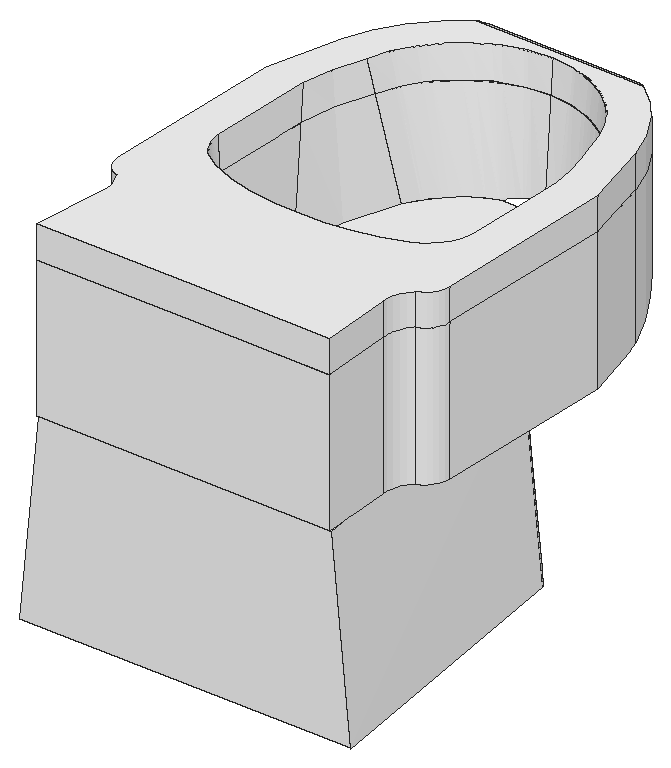
Revit family "VS F Atlantis", category Plumbing Fixtures, Revit 2015
Parameters (values of type "VS F Atlantis")
  Width = 515 mm
  URL = "www.mk.cl"
  Type Comments = "Vaso para fluxor empotrado\r\nModelo: ATLANTIS\r\nInstalación: A piso BTW"
  Supplier = "Mk"  # constant formula
  Model = "VS F Atlantis"
  Manufacturer = "Klipen"  # constant formula
  Keynote = "22 41 13.13"
  ID_Source = "BIMTOOL"
  ID_Objeto = "BT_F_F_1791"
  Height = 380 mm
  Description = "Vaso para fluxor empotrado\r\nModelo: ATLANTIS\r\nInstalación: A piso BTW\r\nDescarga:\r\nMuro: 180 mm\r\nAltura: 380 mm (sin asiento)\r\nFijación piso: Incluida\r\nAsiento con tapa incluido"
  Depth = 515 mm
  Copyright © = "Bimtool 2018 ®Todos los derechos reservados."  # constant formula
  BT_Uso = "Baño"
  BT_SKU = "00 00 00"
  BT_Material = Loza
  BT_Itemizado_Estandar_CDT = "E 04 02 80"
  BT_Color = "Blanco"
  Assembly Code = "D2010.60"
Reference planes
  plane 1 "Center (Front/Back)": y = 0
  plane 2: z = 0
  plane 3 "Center (Left/Right)": x = 0
  plane 4: z = 380
  plane 5: x = -175
  plane 6: x = 175
  plane 7: y = 515
Forms (mm)
  Blend 1, solid, material "Loza"
    base sketch origin (0, 0, 0) x (1, 0, 0) y (0, 1, 0)
      loop
        line (-175, 0) -> (175, 0)
        arc (175, 0) -> (158.683, 157.014) -> (127.923, 311.848) r 1705.986
        arc (127.923, 311.848) -> (0, 380) -> (-127.923, 311.848) r 154.133
        arc (-127.923, 311.848) -> (-158.683, 157.014) -> (-175, 0) r 1705.986
    top sketch origin (0, 0, 0) x (1, 0, 0) y (0, 1, 0)
      loop
        line (-155, 0) -> (155, 0) -> (111.236, 307.722)
        arc (111.236, 307.722) -> (0, 364.657) -> (-111.236, 307.722) r 137.13
        line (-111.236, 307.722) -> (-155, 0)
    from 0 to 197.933
  Extrusion 2, solid, material "Loza"
    sketch origin (0, 0, 0) x (0, 1, 0) y (0, 0, 1)
      loop
        line (0, 346.187) -> (0, 197.933) -> (389.012, 197.933)
        arc (389.012, 197.933) -> (477.06, 250.605) -> (514.355, 346.187) r 158.388
        line (514.355, 346.187) -> (0, 346.187)
    from -175 to 175
  Extrusion 3, void
    sketch origin (0, 0, 0) x (1, 0, 0) y (0, 1, 0)
      loop
        arc (-155, 400.707) -> (-164.6, 363.061) -> (-175, 325.627) r 1824.959
        line (-175, 325.627) -> (-175, 130.627)
        arc (-175, 130.627) -> (-170.271, 115.627) -> (-157.793, 106.053) r 26.152
        arc (-157.793, 106.053) -> (-151.259, 92.274) -> (-150.028, 77.075) r 42.35
        line (-150.028, 77.075) -> (-157.781, 0) -> (0, 0) -> (152.616, 0) -> (147.76, 75.517)
        arc (147.76, 75.517) -> (149.315, 91.922) -> (157.793, 106.053) r 37.265
        arc (157.793, 106.053) -> (170.271, 115.627) -> (175, 130.627) r 26.152
        line (175, 130.627) -> (175, 325.627)
        arc (175, 325.627) -> (164.6, 363.061) -> (155, 400.707) r 1824.959
        arc (155, 400.707) -> (97.377, 487.584) -> (0, 524.809) r 170.866
        arc (0, 524.809) -> (-97.377, 487.584) -> (-155, 400.707) r 170.866
      loop
        line (-206.15, 530) -> (-206.15, -40) -> (201.879, -40) -> (201.879, 530) -> (-206.15, 530)
    from 197.933 to 380
  Extrusion 4, solid, material "Loza"
    sketch origin (0, 0, 0) x (0, 1, 0) y (0, 0, 1)
      loop
        line (0, 380) -> (0, 346.187) -> (514.355, 346.187)
        arc (514.355, 346.187) -> (510.593, 366.557) -> (494.833, 380) r 30.972
        line (494.833, 380) -> (0, 380)
    from -175 to 175
  Blend 5, void
    base sketch origin (0, 0, 0) x (1, 0, 0) y (0, 1, 0)
      loop
        arc (-99.645, 409.117) -> (-116.968, 354.015) -> (-123.555, 296.63) r 303.95
        arc (-123.555, 296.63) -> (-123.985, 251.63) -> (-123.555, 206.63) r 2354.082
        arc (-123.555, 206.63) -> (-107.447, 186.933) -> (-85.252, 174.491) r 68.365
        arc (-85.252, 174.491) -> (-43.179, 164.564) -> (0, 162.509) r 235.094
        arc (0, 162.509) -> (43.179, 164.564) -> (85.252, 174.491) r 235.094
        arc (85.252, 174.491) -> (107.447, 186.933) -> (123.555, 206.63) r 68.365
        arc (123.555, 206.63) -> (123.985, 251.63) -> (123.555, 296.63) r 2354.082
        arc (123.555, 296.63) -> (116.968, 354.015) -> (99.645, 409.117) r 303.95
        arc (99.645, 409.117) -> (59.741, 456.725) -> (0, 473.746) r 105.846
        arc (0, 473.746) -> (-59.741, 456.725) -> (-99.645, 409.117) r 105.846
    top sketch origin (0, 0, 0) x (1, 0, 0) y (0, 1, 0)
      loop
        arc (-125, 380) -> (-132.781, 356.187) -> (-138.18, 331.724) r 254.183
        line (-138.18, 331.724) -> (-138.18, 211.634)
        arc (-138.18, 211.634) -> (-130.823, 185.822) -> (-110.963, 167.766) r 48.962
        arc (-110.963, 167.766) -> (-56.968, 148.98) -> (0, 144.18) r 228.595
        arc (0, 144.18) -> (56.968, 148.98) -> (110.963, 167.766) r 228.595
        arc (110.963, 167.766) -> (130.823, 185.822) -> (138.18, 211.634) r 48.962
        line (138.18, 211.634) -> (138.18, 331.724)
        arc (138.18, 331.724) -> (132.781, 356.187) -> (125, 380) r 254.183
        arc (125, 380) -> (81.827, 456.563) -> (0, 488.661) r 131.131
        arc (0, 488.661) -> (-81.827, 456.563) -> (-125, 380) r 131.131
    from 239.322 to 427.456
Cuts and joins
  Extrusion 3, Blend 5 cuts Blend 1
  Extrusion 3, Blend 5 cuts Extrusion 2
  Extrusion 3, Blend 5 cuts Extrusion 4
Dimensions and locks
  "Width": plane 7 to plane 1 "Center (Front/Back)"
  "Height": plane 4 to level
  "Depth": plane 1 "Center (Front/Back)" to plane 7
  aligned and locked: level to plane 2
Automatic sketch dimensions
  plane 1 "Center (Front/Back)" to Blend 1 sketch curve = 0 mm  (x2)
  Blend 1 sketch curve to plane 5 = 0 mm
  Blend 1 sketch curve to plane 3 "Center (Left/Right)" = 0 mm  (x2)
  Blend 1 sketch curve to plane 6 = 0 mm
  plane 1 "Center (Front/Back)" to Blend 1 sketch curve = 97.64 mm  (x2)
  plane 6 to Blend 1 sketch curve = 1353.189 mm
  Blend 1 sketch curve to plane 5 = 47.077 mm
  Blend 1 sketch curve to plane 6 = 47.077 mm
  Blend 1 sketch curve to plane 5 = 63.764 mm
  Blend 1 sketch curve to plane 5 = 20 mm
  Blend 1 sketch curve to plane 6 = 63.764 mm
  Blend 1 sketch curve to plane 6 = 20 mm
  Extrusion 2 sketch curve to plane 1 "Center (Front/Back)" = 0 mm
  Extrusion 2 sketch curve to plane 4 = 33.813 mm
  Extrusion 2 sketch curve to plane 4 = 27.134 mm
  Extrusion 2 sketch curve to plane 7 = 0.645 mm
  Extrusion 3 sketch curve to plane 5 = 0 mm
  plane 1 "Center (Front/Back)" to Extrusion 3 sketch curve = 0 mm
  Extrusion 3 sketch curve to plane 3 "Center (Left/Right)" = 0 mm  (x2)
  Extrusion 3 sketch curve to plane 6 = 0 mm
  plane 5 to Extrusion 3 sketch curve = 17.166 mm
  plane 5 to Extrusion 3 sketch curve = 31.15 mm
  plane 7 to Extrusion 3 sketch curve = 317.817 mm  (x2)
  Extrusion 3 sketch curve to Extrusion 3 sketch curve = 1721.913 mm
  Extrusion 3 sketch curve to Extrusion 3 sketch curve = 26.152 mm
  Extrusion 3 sketch curve to plane 3 "Center (Left/Right)" = 9.416 mm
  plane 3 "Center (Left/Right)" to Extrusion 3 sketch curve = 9.416 mm
  Extrusion 3 sketch curve to plane 6 = 27.24 mm
  Extrusion 3 sketch curve to plane 6 = 26.152 mm
  Extrusion 3 sketch curve to plane 6 = 22.384 mm
  plane 6 to Extrusion 3 sketch curve = 9.718 mm
  plane 6 to Extrusion 3 sketch curve = 26.879 mm
  Extrusion 3 sketch curve to Extrusion 3 sketch curve = 1726.185 mm
  plane 1 "Center (Front/Back)" to Extrusion 3 sketch curve = 40 mm
  Extrusion 3 sketch curve to Extrusion 3 sketch curve = 55.11 mm
  Extrusion 3 sketch curve to Extrusion 3 sketch curve = 0 mm
  plane 7 to Extrusion 3 sketch curve = 15 mm
  Extrusion 3 sketch curve to plane 5 = 17.219 mm
  Extrusion 3 sketch curve to plane 5 = 24.972 mm
  Extrusion 4 sketch curve to plane 1 "Center (Front/Back)" = 0 mm
  Extrusion 4 sketch curve to plane 4 = 0 mm
  Extrusion 4 sketch curve to plane 4 = 28.929 mm
  Extrusion 4 sketch curve to Extrusion 4 sketch curve = 4.884 mm
  Extrusion 4 sketch curve to Extrusion 4 sketch curve = 30.584 mm
  Extrusion 4 sketch curve to plane 7 = 31.229 mm
  Blend 5 sketch curve to plane 3 "Center (Left/Right)" = 0 mm  (x4)
  Blend 5 sketch curve to plane 3 "Center (Left/Right)" = 2.145 mm
  Blend 5 sketch curve to plane 3 "Center (Left/Right)" = 10.461 mm
  Blend 5 sketch curve to plane 3 "Center (Left/Right)" = 63.503 mm
  plane 5 to Blend 5 sketch curve = 5.34 mm
  Blend 5 sketch curve to Blend 5 sketch curve = 2049.757 mm  (x2)
  plane 3 "Center (Left/Right)" to Blend 5 sketch curve = 2.145 mm
  plane 3 "Center (Left/Right)" to Blend 5 sketch curve = 10.461 mm
  plane 3 "Center (Left/Right)" to Blend 5 sketch curve = 63.503 mm
  plane 6 to Blend 5 sketch curve = 5.34 mm
  Blend 5 sketch curve to Blend 5 sketch curve = 0 mm  (x10)
  Blend 5 sketch curve to Blend 5 sketch curve = 21.749 mm
  Blend 5 sketch curve to Blend 5 sketch curve = 38.302 mm  (x2)
  Blend 5 sketch curve to plane 3 "Center (Left/Right)" = 4.203 mm
  Blend 5 sketch curve to plane 3 "Center (Left/Right)" = 9.44 mm
  Blend 5 sketch curve to plane 5 = 62.573 mm
  Blend 5 sketch curve to plane 5 = 36.82 mm
  plane 3 "Center (Left/Right)" to Blend 5 sketch curve = 4.203 mm
  plane 3 "Center (Left/Right)" to Blend 5 sketch curve = 9.44 mm
  Blend 5 sketch curve to plane 6 = 62.573 mm
  Blend 5 sketch curve to plane 6 = 36.82 mm
  Blend 5 sketch curve to Blend 5 sketch curve = 14.983 mm
  Blend 5 sketch curve to Blend 5 sketch curve = 42.483 mm  (x2)
  Blend 5 sketch curve to Blend 5 sketch curve = 77.606 mm  (x2)
  Blend 5 sketch curve to Blend 5 sketch curve = 21.745 mm
  Blend 1 sketch curve to Blend 1 sketch curve = 80.194 mm
  Extrusion 3 sketch curve to plane 1 "Center (Front/Back)" = 75.517 mm
  Extrusion 3 sketch curve to plane 1 "Center (Front/Back)" = 77.075 mm
  Extrusion 3 sketch curve to Extrusion 3 sketch curve = 4.773 mm
  Extrusion 3 sketch curve to Extrusion 3 sketch curve = 4.238 mm
  Extrusion 3 sketch curve to Extrusion 3 sketch curve = 53.552 mm
  Blend 5 sketch curve to Blend 5 sketch curve = 57.327 mm
  Blend 1 sketch curve to Blend 1 sketch curve = 85.98 mm
  Blend 1 sketch curve to plane 1 "Center (Front/Back)" = 227.527 mm
  Extrusion 2 sketch curve to Extrusion 2 sketch curve = 158.247 mm
  Extrusion 2 sketch curve to plane 7 = 125.988 mm
  Extrusion 3 sketch curve to Extrusion 3 sketch curve = 195 mm  (x2)
  Extrusion 3 sketch curve to Extrusion 3 sketch curve = 28.576 mm
  Extrusion 3 sketch curve to plane 5 = 20 mm
  Blend 5 sketch curve to plane 1 "Center (Front/Back)" = 239.304 mm
  Blend 5 sketch curve to plane 1 "Center (Front/Back)" = 251.63 mm  (x2)
  Blend 5 sketch curve to Blend 5 sketch curve = 51.516 mm
  Blend 5 sketch curve to Blend 5 sketch curve = 5.81 mm
  Blend 5 sketch curve to Blend 5 sketch curve = 71.292 mm
  Blend 5 sketch curve to Blend 5 sketch curve = 29.449 mm
  Blend 5 sketch curve to Blend 5 sketch curve = 48.962 mm  (x2)
  Blend 5 sketch curve to plane 1 "Center (Front/Back)" = 211.634 mm
  Blend 5 sketch curve to Blend 5 sketch curve = 67.454 mm
  Blend 5 sketch curve to plane 5 = 50 mm
Connectors
  piping at (0, 0, 98.967), diameter 100
    settings: on cut or joined group of Blend 1, Extrusion 3, Blend 5, index 1, connector inside diameter 609.6 mm, connector length 0 mm, flow factor 0, pipe flow 0.0 L/s, pressure drop 0.0 Pa, fitting loss kfactor 0, connector angle 0.00°, fixture units 0, engagement length 0 mm, angle of deflection 0.00°, flow configuration 0, flow direction 0, fitting loss method 0, system type 16, joint type 0, gender type 0, connector reference index -1, connector utility 0, adjustable connector no, is connector primary yes, connector description ""
  piping at (-1.722, 0, 272.06), diameter 55
    settings: on cut or joined group of Extrusion 2, Extrusion 3, Blend 5, index 2, connector inside diameter 609.6 mm, connector length 0 mm, flow factor 0, pipe flow 0.0 L/s, pressure drop 0.0 Pa, fitting loss kfactor 0, connector angle 0.00°, fixture units 0, engagement length 0 mm, angle of deflection 0.00°, flow configuration 0, flow direction 0, fitting loss method 0, system type 20, joint type 0, gender type 0, connector reference index -1, connector utility 0, adjustable connector no, is connector primary no, connector description ""
